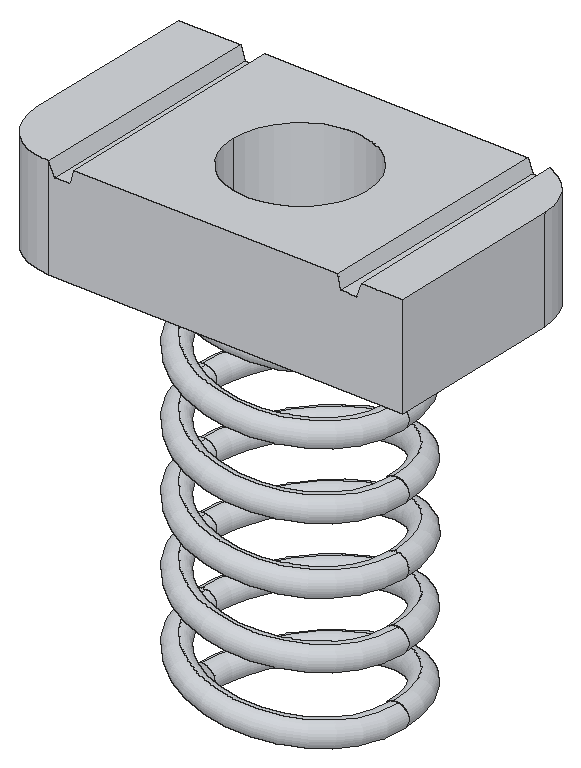
Revit family "CS31", category Generic Models, Revit 2017
Family settings
  Can host rebar = No
  Round Connector Dimension = Use Diameter
  Part Type = Normal
  Work Plane-Based = Yes
  Always vertical = No
  Cut with Voids When Loaded = No
  Shared = No
  Room Calculation Point = No
Parameters (values of type "NBS Standard Parameters")
  Weight = "0.035Kg"
  WarrantyStartDate [instance] = "1900-12-31T23:59:59"
  WarrantyGuarantorParts = "n/a"
  WarrantyGuarantorLabor = "n/a"
  WarrantyDurationUnit = "year"
  WarrantyDurationParts = "n/a"
  WarrantyDurationLabor = "n/a"
  WarrantyDescription = "n/a"
  Version = "1"
  Uniclass2 = "PR_65_70_11_19"
  TagNumber [instance] = "n/a"
  SustainabilityPerformance = "n/a"
  Size = "M12"
  Shape = "Rectangular"
  SerialNumber [instance] = "n/a"
  Revision = "n/a"
  ReplacementCost = "n/a"
  ProductInformation = ""
  NominalWidth = 19.5 mm
  NominalLength = 34.5 mm
  NominalHeight = 10 mm
  Name = ""
  NBSTypeID = ""
  NBSReference = "90-55-10/305"
  NBSOfficeMasterTag = ""
  NBSNote = ""
  NBSDescription = "Channel Cable Support"
  NBSCertification = ""
  ModelReference = "CS31"
  ModelNumber = "n/a"
  Material = "Steel"
  ManufacturerURL = "www.metpro.co.uk"
  ManufacturerName = "Metpro Ltd"
  InstallationDate [instance] = "1900-12-31T23:59:59"
  IfcExportType = ""
  IfcExportAs = ""
  Grade = "n/a"
  Finish = "BZP"
  Features = "n/a"
  ExpectedLife = "n/a"
  DurationUnit = "year"
  Description = "NBS standard template"
  Default Elevation = 1219.2 mm
  Constituents = "n/a"
  Color = "n/a"
  CodePerformance = "n/a"
  Category = "n/a"
  BarCode [instance] = "n/a"
  BIMObjectName = "Role_Source_Type_Generic"
  Author = "Metpro Limited"
  AssetType = ""
  AssetIdentifier [instance] = "n/a"
  AccessibilityPerformance = "n/a"
Reference planes
  plane 1 "Center (Front/Back)": y = 0
  plane 2: z = 0
  plane 3 "Center (Left/Right)": x = 0
Forms (mm)
  Sweep 1, solid
    path origin (-26.459, 121.193, 18.803) x (0, -1, 0.000017) y (-0.984808, 0.000003, 0.173648)
      loop
        arc (100.907, -53) -> (108.907, -45) -> (100.907, -37) r 8
    profile origin (17.857, 12.286, 10.991) x (0, 1, -0.000017) y (-0.173648, -0.000017, -0.984808)
      loop
        circle (0, 0) r 1
  Sweep 2, solid
    path origin (-26.498, -80.622, 0.405) x (0, 1, -0.000017) y (0.984808, 0.000003, 0.173648)
      loop
        arc (100.907, 53) -> (108.907, 45) -> (100.907, 37) r 8
    profile origin (17.818, 28.286, 8.218) x (0, 1, -0.000017) y (0.173648, -0.000017, -0.984808)
      loop
        circle (0, 0) r 1
  Sweep 3, solid
    path origin (-26.459, 121.193, 13.305) x (0, -1, 0.000017) y (-0.984808, 0.000003, 0.173648)
      loop
        arc (100.907, -53) -> (108.907, -45) -> (100.907, -37) r 8
    profile origin (17.857, 12.286, 5.493) x (0, 1, -0.000017) y (-0.173648, -0.000017, -0.984808)
      loop
        circle (0, 0) r 1
  Sweep 4, solid
    path origin (-26.498, -80.622, -5.093) x (0, 1, -0.000017) y (0.984808, 0.000003, 0.173648)
      loop
        arc (100.907, 53) -> (108.907, 45) -> (100.907, 37) r 8
    profile origin (17.818, 28.286, 2.72) x (0, 1, -0.000017) y (0.173648, -0.000017, -0.984808)
      loop
        circle (0, 0) r 1
  Sweep 5, solid
    path origin (-26.459, 121.193, 7.828) x (0, -1, 0.000017) y (-0.984808, 0.000003, 0.173648)
      loop
        arc (100.907, -53) -> (108.907, -45) -> (100.907, -37) r 8
    profile origin (17.857, 12.285, 0.016) x (0, 1, -0.000017) y (-0.173648, -0.000017, -0.984808)
      loop
        circle (0, 0) r 1
  Sweep 6, solid
    path origin (-26.498, -80.622, -10.57) x (0, 1, -0.000017) y (0.984808, 0.000003, 0.173648)
      loop
        arc (100.907, 53) -> (108.907, 45) -> (100.907, 37) r 8
    profile origin (17.818, 28.285, -2.757) x (0, 1, -0.000017) y (0.173648, -0.000017, -0.984808)
      loop
        circle (0, 0) r 1
  Sweep 7, solid
    path origin (-26.459, 121.193, 2.365) x (0, -1, 0.000017) y (-0.984808, 0.000003, 0.173648)
      loop
        arc (100.907, -53) -> (108.907, -45) -> (100.907, -37) r 8
    profile origin (17.857, 12.285, -5.447) x (0, 1, -0.000017) y (-0.173648, -0.000017, -0.984808)
      loop
        circle (0, 0) r 1
  Sweep 8, solid
    path origin (-26.459, -80.622, -16.033) x (0, 1, -0.000017) y (0.984808, 0.000003, 0.173648)
      loop
        arc (100.907, 53) -> (108.907, 45) -> (100.907, 37) r 8
    profile origin (17.857, 28.285, -8.22) x (0, 1, -0.000017) y (0.173648, -0.000017, -0.984808)
      loop
        circle (0, 0) r 1
  Sweep 9, solid
    path origin (-26.459, 121.193, -3.118) x (0, -1, 0.000017) y (-0.984808, 0.000003, 0.173648)
      loop
        arc (100.907, -53) -> (108.907, -45) -> (100.907, -37) r 8
    profile origin (17.857, 12.285, -10.93) x (0, 1, -0.000017) y (-0.173648, -0.000017, -0.984808)
      loop
        circle (0, 0) r 1
  Sweep 10, solid
    path origin (-26.498, -80.622, -21.515) x (0, 1, -0.000017) y (0.984808, 0.000003, 0.173648)
      loop
        arc (100.907, 53) -> (108.907, 45) -> (100.907, 37) r 8
    profile origin (17.818, 28.285, -13.703) x (0, 1, -0.000017) y (0.173648, -0.000017, -0.984808)
      loop
        circle (0, 0) r 1
  Extrusion 11, solid
    sketch origin (9.979, 20.286, 12.38) x (-0.173648, -0.000017, -0.984808) y (-0.984808, 0.000003, 0.173648)
      loop
        line (0.158, -0.256) -> (-1.146, 1.606) -> (-1.587, -0.891) -> (0.158, -0.256)
    from 0 to 0.704
  Extrusion 12, solid
    sketch origin (11.132, 20.286, 13.788) x (-1, 0, 0) y (0, -1, 0.000017)
      loop
        line (-17.868, -9.846) -> (11.132, -9.846) -> (11.132, 4.654)
        arc (11.132, 4.654) -> (9.668, 8.189) -> (6.132, 9.654) r 5
        line (6.132, 9.654) -> (-22.868, 9.654) -> (-22.868, -4.846)
        arc (-22.868, -4.846) -> (-21.403, -8.382) -> (-17.868, -9.846) r 5
      loop
        circle (-6.725, 0) r 5.5
    from -2.362 to 5.968
  Blend 13, void
    base sketch origin (11.132, 20.286, 19.755) x (1, 0, 0) y (0, -1, 0.000017)
      loop
        line (-4.351, 10.616) -> (-5.663, 10.616) -> (-5.663, -11.971) -> (-4.351, -11.971) -> (-4.351, 10.616)
    top sketch origin (11.132, 20.286, 19.755) x (1, 0, 0) y (0, -1, 0.000017)
      loop
        line (-3.927, 10.616) -> (-6.171, 10.616) -> (-6.171, -11.971) -> (-3.927, -11.971) -> (-3.927, 10.616)
    from 1.069 to -0.53
  Sweep 14, solid
    path origin (-26.459, 121.192, -8.67) x (0, -1, 0.000017) y (-0.984808, 0.000003, 0.173648)
      loop
        arc (100.907, -53) -> (108.907, -45) -> (100.907, -37) r 8
    profile origin (17.857, 12.285, -16.482) x (0, 1, -0.000017) y (-0.173648, -0.000017, -0.984808)
      loop
        circle (0, 0) r 1
  Sweep 15, solid
    path origin (-26.498, -80.622, -27.067) x (0, 1, -0.000017) y (0.984808, 0.000003, 0.173648)
      loop
        arc (100.907, 53) -> (108.907, 45) -> (100.907, 37) r 8
    profile origin (17.818, 28.285, -19.255) x (0, 1, -0.000017) y (0.173648, -0.000017, -0.984808)
      loop
        circle (0, 0) r 1
  Extrusion 16, void
    sketch origin (0, 20.285, -21.64) x (1, 0, 0) y (0, 0.000017, 1)
      loop
        line (28.933, 40.326) -> (30.246, 40.326) -> (30.754, 41.926) -> (28.51, 41.926) -> (28.933, 40.326)
    from -10.433 to 9.654
Cuts and joins
  Blend 13, Extrusion 16 cuts Extrusion 12
Lines and regions (mm)
  model lines
    curve 1: line (26.721, 20.286, 9.428) -> (23.278, 20.286, 9.428)
    curve 2: line (26.721, 20.286, 3.93) -> (23.278, 20.286, 3.93)
    curve 3: line (26.721, 20.285, -1.547) -> (23.278, 20.285, -1.547)
Dimensions and locks
  aligned and locked: level to plane 2
